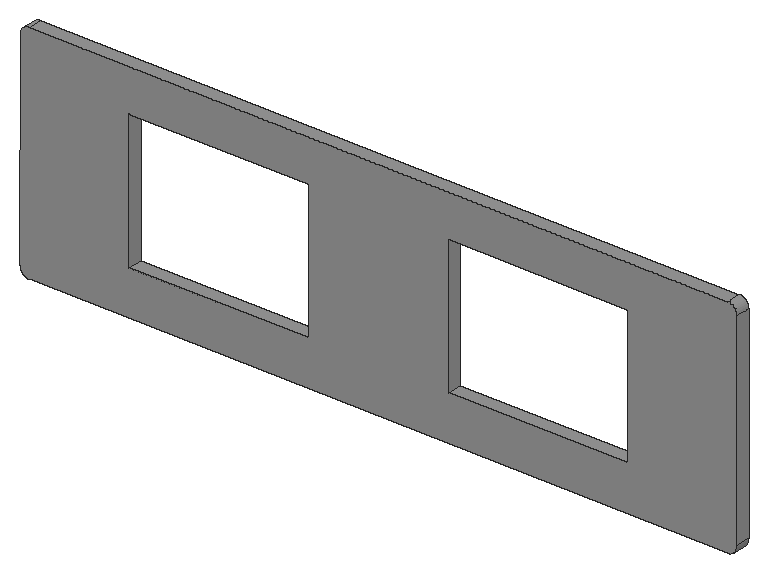
Revit family "Montageplatte-MPMT452C-AA", category Generic Models, Revit 2017
Family settings
  Can host rebar = No
  Round Connector Dimension = Use Diameter
  Part Type = Normal
  Work Plane-Based = No
  Always vertical = Yes
  Cut with Voids When Loaded = No
  Shared = No
  Room Calculation Point = No
Parameters (values of type "MPMT45 2C")
  Width = 1.5 mm
  URL = "http://www.obo-bettermann.com"
  Material = Stainless steel, grade 304
  Manufacturer Art.No. = "7408705"
  Manufacturer = "Obo-Bettermann"
  GTIN = "4012195693482"
  Article Type = "MPMT45 2C"
Reference planes
  plane 1 "Center (Front/Back)": y = 0
  plane 2: z = 0
  plane 3 "Center (Left/Right)": x = 0
  plane 4: x = 17.15
  plane 5: x = -17.133
  plane 6: y = 8.336
  plane 7: z = 121.272
  plane 8: z = 12.286
  plane 9: x = -17.15
  plane 10: x = 17.15
Forms (mm)
  Extrusion 1, solid, material "Stainless steel, grade 304" <- "Material"
    sketch origin (0, -26.127, 0) x (1, 0, 0) y (0, 1, 0)
      loop
        line (-38.5, 27.651) -> (-38.5, 26.127) -> (38.5, 26.127) -> (38.5, 27.651) -> (-38.5, 27.651)
    from 0 to 24.217
  Extrusion 2, void
    sketch origin (0, 0, 0) x (1, 0, 0) y (0, 0, 1)
      loop
        line (-26.8, 19.686) -> (-26.8, 4.886) -> (-7.5, 4.886) -> (-7.5, 19.686) -> (-26.8, 19.686)
      loop
        line (7.5, 19.686) -> (7.5, 4.886) -> (26.8, 4.886) -> (26.8, 19.686) -> (7.5, 19.686)
    from -1.524 to 0
  Extrusion 3, void
    sketch origin (0, 0, 0) x (1, 0, 0) y (0, 0, 1)
      loop
        arc (-38.5, 23.217) -> (-38.207, 23.924) -> (-37.5, 24.217) r 1
        line (-37.5, 24.217) -> (-38.5, 24.217) -> (-38.5, 23.217)
    from -1.524 to 0
  Extrusion 4, void
    sketch origin (0, 0, 0) x (1, 0, 0) y (0, 0, 1)
      loop
        arc (37.5, 24.217) -> (38.207, 23.924) -> (38.5, 23.217) r 1
        line (38.5, 23.217) -> (38.5, 24.217) -> (37.5, 24.217)
    from -1.524 to 0
  Extrusion 5, void
    sketch origin (0, 0, 0) x (1, 0, 0) y (0, 0, 1)
      loop
        line (-38.5, 1) -> (-38.5, 0) -> (-37.5, 0)
        arc (-37.5, 0) -> (-38.207, 0.293) -> (-38.5, 1) r 1
    from -1.524 to 0
  Extrusion 6, void
    sketch origin (0, 0, 0) x (1, 0, 0) y (0, 0, 1)
      loop
        arc (38.5, 1) -> (38.207, 0.293) -> (37.5, 0) r 1
        line (37.5, 0) -> (38.5, 0) -> (38.5, 1)
    from -1.524 to 0
Cuts and joins
  Extrusion 2, Extrusion 3, Extrusion 4, Extrusion 5, Extrusion 6 cuts Extrusion 1
Dimensions and locks
  Extrusion 1 sketch curve to Extrusion 1 sketch curve = 77 mm
  locked: Extrusion 1 sketch curve to plane 3 "Center (Left/Right)" at 38.5
  locked: plane 3 "Center (Left/Right)" to Extrusion 1 sketch curve at 38.5
  Extrusion 1 sketch curve to Extrusion 1 sketch curve = 1.524 mm
  locked: plane 3 "Center (Left/Right)" to plane 4 at 17.15
  locked: plane 5 to plane 3 "Center (Left/Right)" at 17.15
  Extrusion 1 sketch curve to plane 6 = 6.813 mm
  Extrusion 1 to Extrusion 1 = 1.524 mm
  locked: Extrusion 1 to Extrusion 1 at 24.217
  locked: plane 10 to plane 9 at 34.3
  locked: plane 3 "Center (Left/Right)" to plane 9 at 17.15
  locked: plane 10 to plane 3 "Center (Left/Right)" at 17.15
  plane 10 to plane 9 = 34.3 mm
  Extrusion 2 sketch curve to Extrusion 2 sketch curve = 19.3 mm
  locked: plane 9 to Extrusion 2 sketch curve at 9.65
  locked: Extrusion 2 sketch curve to Extrusion 2 sketch curve at 14.8
  locked: plane 8 to Extrusion 2 sketch curve at 7.4
  locked: Extrusion 2 sketch curve to Extrusion 2 sketch curve at 19.3
  locked: plane 10 to Extrusion 2 sketch curve at 9.65
  locked: Extrusion 2 sketch curve to Extrusion 2 sketch curve at 15
  aligned and locked: level to plane 2
  aligned and locked: Extrusion 1 to level
  aligned and locked: plane 1 "Center (Front/Back)" to Extrusion 1
  aligned and locked: Extrusion 1 to plane 1 "Center (Front/Back)"
  aligned and locked: Extrusion 1 to Extrusion 2  (x2)
  aligned and locked: Extrusion 3 to Extrusion 1
  aligned and locked: Extrusion 1 to Extrusion 3
  aligned and locked: Extrusion 1 to Extrusion 4
  aligned and locked: Extrusion 4 to Extrusion 1
  aligned and locked: Extrusion 5 to Extrusion 1
  aligned and locked: Extrusion 1 to Extrusion 5
  aligned and locked: Extrusion 6 to Extrusion 1
  aligned and locked: Extrusion 1 to Extrusion 6
Automatic sketch dimensions
  level to Extrusion 2 sketch curve = 4.886 mm
  plane 8 to Extrusion 2 sketch curve = 7.4 mm
  Extrusion 3 sketch curve to plane 9 = 21.35 mm
  Extrusion 3 sketch curve to Extrusion 3 sketch curve = 1 mm
  plane 8 to Extrusion 3 sketch curve = 10.932 mm
  plane 10 to Extrusion 4 sketch curve = 20.35 mm
  plane 8 to Extrusion 4 sketch curve = 10.932 mm
  Extrusion 4 sketch curve to Extrusion 4 sketch curve = 1 mm
  Extrusion 5 sketch curve to level = 0 mm
  level to Extrusion 5 sketch curve = 1 mm
  Extrusion 5 sketch curve to plane 9 = 21.35 mm
  Extrusion 6 sketch curve to level = 0 mm
  level to Extrusion 6 sketch curve = 1 mm
  plane 10 to Extrusion 6 sketch curve = 20.35 mm
